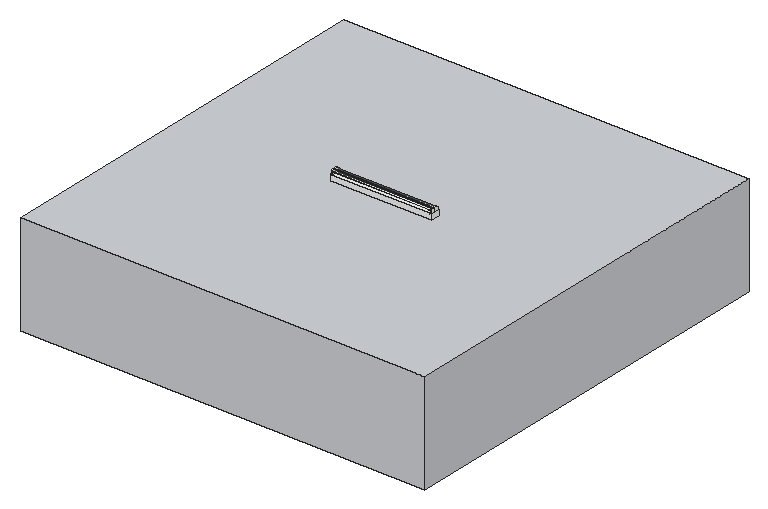
Revit family "CN2", category Lighting Fixtures, host Face, Revit 2012
Parameters (values of type "CN2-254-EP-PAF")
  Wattage Comments = "129 W"
  Wattage = 9.2903 W
  built-in parameter 1150110 = 1 (stored number, unit not read)
  URL = "http://www.columbialighting.com/"
  built-in parameter 1114217 = 1 (stored number, unit not read)
  Tilt Angle = 60.00°
  built-in parameter 1150109 = 1 (stored number, unit not read)
  built-in parameter 1150134 = 3
  built-in parameter 1150113 = 1 (stored number, unit not read)
  Product Page URL = "http://www.columbialighting.com/products/cncnss"
  Product Documentation Link = "http://www.columbialighting.com/content/products/specs/specs_files/cn.pdf"
  Photometric Web File = "generic"
  built-in parameter 1150142 = (empty or 0)
  Model = "CN2"  # constant formula
  Manufacturer Phone = "864-678-1000"  # constant formula
  Manufacturer Fax = "866-898-1065"  # constant formula
  Manufacturer = "Columbia Lighting"  # constant formula
  built-in parameter 1150105 = 109.82 (stored number, unit not read)
  Lumens = 1380 lm
  built-in parameter 1150115 = 1 (stored number, unit not read)
  built-in parameter 1150137 = (empty or 0)
  built-in parameter 1150139 = (empty or 0)
  built-in parameter 1150112 = 1 (stored number, unit not read)
  built-in parameter 1150114 = 1 (stored number, unit not read)
  Lamp = "F54T5"
  built-in parameter 1150132 = (empty or 0)
  built-in parameter 1150102 = (empty or 0)
  built-in parameter 1150107 = 3200 (stored number, unit not read)
  built-in parameter 1150138 = (empty or 0)
  built-in parameter 1150106 = 1.0982 (stored number, unit not read)
  Glass = Glass
  Emit from Line Length = 22.000"
  built-in parameter 1150104 = 13.8 (stored number, unit not read)
  Dimming Lamp Color Temperature Shift = <None>
  Description = "Narrow strip designed specifically for T5/T5HO applications offers smallest strip luminaire for coves, indirect lighting and other restricted spaces that require high performance."  # constant formula
  Default Elevation = 48.000"
  Color Filter = 16777215
  built-in parameter 1114218 = 1 (stored number, unit not read)
  Ballast = "PAV254T5M"
  Backbox = White
  built-in parameter 1150133 = 10 (stored number, unit not read)
  Apparent Load = 0 VA
Reference planes (in)
  plane 1 "Center (Front/Back)": y = 0.03999
  plane 2: z = 0.06357
  plane 3 "Center (Left/Right)": x = 0.01104
  plane 4: z = 2.25107
  plane 5: x = -11.98938
  plane 6: y = 1.03999
  plane 7: x = 12.01104
  plane 8: y = -0.96001
  plane 9: z = 1.31357
  plane 10: x = -11.88938
  plane 11: x = 11.91104
  plane 12: x = 11.61104
  plane 13: x = -11.58896
  plane 14: y = 0.53999
  plane 15: y = -0.46001
Forms (in)
  Extrusion 1, solid
    sketch origin (0, 0, 0.06357) x (1, 0, 0) y (0, 1, 0)
      loop
        line (-48, 48) -> (-48, -48) -> (48, -48) -> (48, 48) -> (-48, 48)
    from 0 to -24.06357
  Extrusion 2, solid, material "White" <- "Backbox"
    sketch origin (0.01104, 0, 0) x (0, 1, 0) y (0, 0, 1)
      loop
        line (1.03999, 1.31357) -> (-0.96001, 1.31357) -> (-0.96001, 0.06357) -> (1.03999, 0.06357) -> (1.03999, 1.31357)
      loop
        line (0.93999, 0.16357) -> (0.93999, 1.21357) -> (-0.86001, 1.21357) -> (-0.86001, 0.16357) -> (0.93999, 0.16357)
    from -11.90042 to 11.9
  Extrusion 3, solid, material "White" <- "Backbox"
    sketch origin (0.01104, 0, 0) x (0, 1, 0) y (0, 0, 1)
      loop
        line (1.03999, 1.31357) -> (-0.96001, 1.31357) -> (-0.96001, 0.06357) -> (1.03999, 0.06357) -> (1.03999, 1.31357)
    from 11.9 to 12
  Extrusion 4, solid, material "White" <- "Backbox"
    sketch origin (0.01104, 0, 0) x (0, 1, 0) y (0, 0, 1)
      loop
        line (0.9561, 1.42793) -> (0.93341, 1.86073)
        arc (0.93341, 1.86073) -> (0.53999, 2.25415) -> (0.14657, 1.86073) r 0.39342
        line (0.14657, 1.86073) -> (0.12389, 1.42793) -> (0.09775, 1.40179) -> (0.12128, 1.37825) -> (0.11789, 1.31357) -> (0.96209, 1.31357) -> (0.9587, 1.37825) -> (0.98224, 1.40179) -> (0.9561, 1.42793)
      loop
        line (-0.87611, 1.42793) -> (-0.90225, 1.40179) -> (-0.87872, 1.37825) -> (-0.88211, 1.31357) -> (-0.03791, 1.31357) -> (-0.0413, 1.37825) -> (-0.01776, 1.40179) -> (-0.0439, 1.42793) -> (-0.06659, 1.86073)
        arc (-0.06659, 1.86073) -> (-0.46001, 2.25415) -> (-0.85343, 1.86073) r 0.39342
        line (-0.85343, 1.86073) -> (-0.87611, 1.42793)
    from 11.6 to 11.9
  Extrusion 5, solid, material "White" <- "Backbox"
    sketch origin (0.01104, 0, 0) x (0, 1, 0) y (0, 0, -1)
      loop
        line (0.9561, -1.42793) -> (0.98224, -1.40179) -> (0.9587, -1.37825) -> (0.96209, -1.31357) -> (0.11789, -1.31357) -> (0.12128, -1.37825) -> (0.09775, -1.40179) -> (0.12389, -1.42793) -> (0.14657, -1.86073)
        arc (0.14657, -1.86073) -> (0.53999, -2.25415) -> (0.93341, -1.86073) r 0.39342
        line (0.93341, -1.86073) -> (0.9561, -1.42793)
      loop
        line (-0.87611, -1.42793) -> (-0.85343, -1.86073)
        arc (-0.85343, -1.86073) -> (-0.46001, -2.25415) -> (-0.06659, -1.86073) r 0.39342
        line (-0.06659, -1.86073) -> (-0.0439, -1.42793) -> (-0.01776, -1.40179) -> (-0.0413, -1.37825) -> (-0.03791, -1.31357) -> (-0.88211, -1.31357) -> (-0.87872, -1.37825) -> (-0.90225, -1.40179) -> (-0.87611, -1.42793)
    from 11.6 to 11.9
  Extrusion 6, solid, material "White" <- "Backbox"
    sketch origin (0.01104, 0, 0) x (0, 1, 0) y (0, 0, -1)
      loop
        line (1.03999, -1.31357) -> (1.03999, -0.06357) -> (-0.96001, -0.06357) -> (-0.96001, -1.31357) -> (1.03999, -1.31357)
    from 11.90042 to 12.00042
  Extrusion 7, solid, material "Glass" <- "Glass"
    sketch origin (0.01104, 0, 0) x (0, 1, 0) y (0, 0, 1)
      loop
        circle (0.53999, 1.8877) r 0.28
      loop
        circle (-0.46001, 1.8877) r 0.28
    from -11.6 to 11.6
Cuts and joins
  joined: Extrusion 2, Extrusion 3, Extrusion 4, Extrusion 5, Extrusion 6
Dimensions and locks (in)
  locked: plane 5 to plane 3 "Center (Left/Right)" at 12.00042
  locked: plane 6 to plane 1 "Center (Front/Back)" at 1
  locked: plane 7 to plane 3 "Center (Left/Right)" at 12
  locked: plane 8 to plane 1 "Center (Front/Back)" at 1
  locked: plane 4 to Extrusion 1 at 2.1875
  locked: plane 10 to plane 5 at 0.1
  locked: level to Extrusion 2 at 1.25
  locked: plane 11 to plane 7 at 0.1
  locked: Extrusion 5 to level at 1.25
  locked: Extrusion 4 to level at 1.25
  locked: plane 14 to plane 1 "Center (Front/Back)" at 0.5
  locked: plane 14 to Extrusion 7 sketch curve at 0
  locked: plane 15 to Extrusion 7 sketch curve at 0
  locked: Extrusion 5 to Extrusion 4 at 0.08168  (x2)
  locked: plane 5 to plane 13 at 0.40042
  locked: plane 7 to plane 12 at 0.4
  aligned and locked: plane 2 to Extrusion 1
  aligned and locked: plane 9 to Extrusion 2 sketch curve
  aligned and locked: plane 6 to Extrusion 2 sketch curve
  aligned and locked: Extrusion 2 sketch curve to level
  aligned and locked: plane 8 to Extrusion 2 sketch curve
  aligned and locked: Extrusion 2 to plane 10
  aligned and locked: Extrusion 3 sketch curve to Extrusion 2  (x4)
  aligned and locked: plane 9 to Extrusion 4 sketch curve
  aligned and locked: Extrusion 4 sketch curve to Extrusion 2
  aligned and locked: Extrusion 2 to plane 11
  aligned and locked: Extrusion 2 to Extrusion 4
  aligned and locked: Extrusion 4 to plane 12
  aligned and locked: Extrusion 3 to Extrusion 2
  aligned and locked: Extrusion 5 to plane 9
  aligned and locked: Extrusion 3 to plane 7
  aligned and locked: plane 11 to Extrusion 3
  aligned and locked: Extrusion 5 to plane 13
  aligned and locked: plane 10 to Extrusion 6
  aligned and locked: Extrusion 6 to plane 5
  aligned and locked: Extrusion 7 to Extrusion 5
  aligned and locked: plane 12 to Extrusion 7
  aligned and locked: plane 4 to imposter light
  aligned and locked: imposter light to plane 1 "Center (Front/Back)"
Connectors (in)
  electrical at (0.01083, 0.03999, 0.06357), driven by "Apparent Load"
    settings: on cut or joined group of Extrusion 2, Extrusion 3, Extrusion 4, Extrusion 5, Extrusion 6, index 1, voltage 0 V, apparent load 0 VA, apparent load phase1 0 VA, apparent load phase2 0 VA, apparent load phase3 0 VA, power factor 1, load classification "Lighting", number of poles 1, system type 30, power factor state 1, is connector primary yes, connector utility no, sub classification motor no, connector description ""
